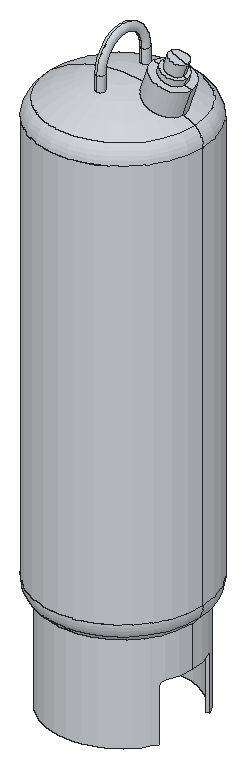
Revit family
Parameters (values of type "WX-35-CL 125# W.P.")
  Weight = "69 lbs"
  Tank Volume = "10 Gal"
  Tank Only/Less Stand = 31.472"
  Tank Height/Length = 35.313"
  Tank Diameter = 10.000"
  Pipe Connector Diameter = Pipe Connection Radius * 2  # 1.250"
  Pipe Connection Radius = 0.625"
  Model = "WX-35-CL"
  Maximum Acceptance Volume = "10 Gal"
  Max Operating Temp = "240 DEG F"
  Max Operating Pressure = "125 PSI"
  Manufacturer = "Amtrol"
  Lifting Ring Location = 3.500" / 2  # 1.750"
  Floor to Elbow Centerline = 1.688"
  Floor to Bottom of Tank = 3.841"
  Bladder/Diaphragm = "Bladder"
  ASME = yes
Reference planes (in)
  plane 1 "Center (Front/Back)": y = 0
  plane 2: z = 0
  plane 3 "Center (Left/Right)": x = 0
Forms (in)
  Revolve 1, solid
    sketch origin (0, 0, 0) x (1, 0, 0) y (0, 0, 1)
      loop
        line (0, 35.313) -> (0, 3.841) -> (3.19936, 3.841) -> (3.19936, 4.341) -> (2.165, 4.341) -> (2.165, 4.537) -> (3.19936, 4.537) -> (3.19936, 5.44775)
        arc (3.19936, 5.44775) -> (3.27707, 5.47994) -> (3.30927, 5.55766) r 0.10991
        arc (3.30927, 5.55766) -> (4.07072, 5.87962) -> (4.69528, 6.42127) r 2.64049
        arc (4.69528, 6.42127) -> (4.92132, 6.81207) -> (4.99984, 7.25666) r 1.298
        line (4.99984, 7.25666) -> (4.99984, 32.85698)
        arc (4.99984, 32.85698) -> (4.84865, 33.42123) -> (4.4654, 33.8621) r 1.29841
        arc (4.4654, 33.8621) -> (2.3476, 34.94118) -> (0, 35.313) r 7.597
      axis (0, 3.841) -> (0, 35.313)
    angle from 0 to 360
  Revolve 2, solid
    sketch origin (0, 0, 0) x (1, 0, 0) y (0, 0, 1)
      loop
        line (3.49813, 37.33998) -> (2.55125, 34.59006) -> (3.74301, 34.1797) -> (4.31275, 35.83436) -> (3.88468, 35.98176) -> (4.00697, 36.33693) -> (3.77711, 36.41608) -> (4.03194, 37.15618) -> (3.49813, 37.33998)
      axis (2.55125, 34.59006) -> (3.49813, 37.33998)
    angle from 0 to 360
  Revolve 3, solid
    sketch origin (0, 0, 0) x (1, 0, 0) y (0, 0, 1)
      loop
        line (-4.33638, 0) -> (-4.08638, 0) -> (-4.08638, 6.5) -> (-4.33638, 6.5) -> (-4.33638, 0)
      axis (0, 0) -> (0, 6.5)
    angle from 0 to 360
  Revolve 4, solid
    sketch origin (0, 0, 0) x (1, 0, 0) y (0, 0, 1)
      loop
        line (0.6492, 3.3675) -> (0.6492, 4.19707) -> (0, 4.19707) -> (0, 3.3675) -> (0.6492, 3.3675)
      axis (0, 3.3675) -> (0, 4.19707)
    angle from 0 to 360
  Extrusion 5, void
    sketch origin (0, 0, 0) x (0, 1, 0) y (0, 0, 1)
      loop
        line (0, 3.5) -> (-1.75, 3.5)
        arc (-1.75, 3.5) -> (-1.92678, 3.42678) -> (-2, 3.25) r 0.25
        line (-2, 3.25) -> (-2, -0.25) -> (2, -0.25) -> (2, 3.25)
        arc (2, 3.25) -> (1.92678, 3.42678) -> (1.75, 3.5) r 0.25
        line (1.75, 3.5) -> (0, 3.5)
    from 2.84574 to 12
  Sweep 6, solid
    path origin (0, 0, 0) x (1, 0, 0) y (0, 0, 1)
      loop
        line (0, 3.188) -> (0, 2.886)
        arc (0, 2.886) -> (0.35089, 2.03889) -> (1.198, 1.688) r 1.198
        line (1.198, 1.688) -> (1.5, 1.688)
    profile origin (0, 0, 3.037) x (0, -1, 0) y (1, 0, 0)
      loop
        circle (0, 0) r 0.75
  Sweep 7, solid
    path origin (0, 0, 0) x (0, 1, 0) y (0, 0, 1)
      loop
        line (1.75, 35.08602) -> (1.75, 36.00246)
        arc (1.75, 36.00246) -> (0, 37.75246) -> (-1.75, 36.00246) r 1.75
        line (-1.75, 36.00246) -> (-1.75, 35.08602)
    profile origin (0, 1.75, 35.54424) x (0, -1, 0) y (1, 0, 0)
      loop
        circle (0, 0) r 0.25
Cuts and joins
  Extrusion 5 cuts Revolve 3
  Extrusion 5 cuts Revolve 4
Dimensions and locks (in)
  "Floor to Bottom of Tank": Revolve 1 sketch curve to level
  "Tank Only/Less Stand": Revolve 1 sketch curve to Revolve 1 sketch curve
  Revolve 1 sketch curve to Revolve 1 sketch curve = 6.29859"
  Revolve 1 sketch curve to Revolve 1 sketch curve = 4.99984"
  Revolve 2 sketch curve to Revolve 1 = 1.32272"
  Revolve 2 sketch curve to Revolve 1 = 1.73308"
  Revolve 2 sketch curve to Revolve 2 sketch curve = 1.750"
  Revolve 2 sketch curve to Revolve 2 sketch curve = 2.12564"
  Revolve 2 sketch curve to Revolve 2 sketch curve = 2.90838"
  "Floor to Elbow Centerline": Sweep 6 sketch curve to cut or joined group of Revolve 3, Extrusion 5
  "Lifting Ring Location": Sweep 7 sketch curve to plane 1 "Center (Front/Back)"
  aligned and locked: plane 3 "Center (Left/Right)" to import instance
  aligned and locked: plane 1 "Center (Front/Back)" to import instance
Automatic sketch dimensions
  Revolve 1 sketch curve to plane 3 "Center (Left/Right)" = 0.000"  (x2)
  plane 3 "Center (Left/Right)" to Revolve 1 sketch curve = 2.165"
  Revolve 1 sketch curve to Revolve 1 sketch curve = 2.3255"
  Revolve 1 sketch curve to Revolve 1 sketch curve = 1.03436"
  Revolve 1 sketch curve to Revolve 1 sketch curve = 0.000"  (x4)
  Revolve 1 sketch curve to Revolve 1 sketch curve = 0.10991"
  Revolve 1 sketch curve to Revolve 1 sketch curve = 1.298"
  Revolve 1 sketch curve to Revolve 1 sketch curve = 1.29762"
  Revolve 1 sketch curve to Revolve 1 sketch curve = 0.53443"
  Revolve 1 sketch curve to Revolve 1 sketch curve = 0.30455"
  Revolve 1 sketch curve to Revolve 1 sketch curve = 0.500"
  Revolve 1 sketch curve to Revolve 1 sketch curve = 0.196"
  Revolve 1 sketch curve to Revolve 1 sketch curve = 0.91075"
  Revolve 1 sketch curve to Revolve 1 sketch curve = 6.028"
  plane 3 "Center (Left/Right)" to Revolve 2 sketch curve = 2.55125"
  Revolve 2 sketch curve to Revolve 2 sketch curve = 0.000"  (x2)
  Revolve 2 sketch curve to Revolve 2 sketch curve = 0.13243"
  Revolve 2 sketch curve to Revolve 2 sketch curve = 0.27898"
  Revolve 2 sketch curve to Revolve 2 sketch curve = 0.10757"
  Revolve 2 sketch curve to Revolve 2 sketch curve = 0.22987"
  Revolve 2 sketch curve to Revolve 2 sketch curve = 0.38461"
  Revolve 3 sketch curve to level = 0.000"  (x2)
  Revolve 3 sketch curve to plane 3 "Center (Left/Right)" = 0.000"
  Revolve 3 sketch curve to plane 3 "Center (Left/Right)" = 4.08638"
  Revolve 3 sketch curve to Revolve 3 sketch curve = 0.250"
  level to Revolve 3 sketch curve = 6.500"
  Revolve 3 sketch curve to Revolve 3 sketch curve = 2.000"
  Revolve 4 sketch curve to plane 3 "Center (Left/Right)" = 0.000"  (x2)
  plane 3 "Center (Left/Right)" to Revolve 4 sketch curve = 0.6492"
  level to Revolve 4 sketch curve = 3.3675"
  Revolve 4 sketch curve to Revolve 4 sketch curve = 0.000"
  Revolve 4 sketch curve to Revolve 4 sketch curve = 0.82957"
  Revolve 4 sketch curve to Revolve 4 sketch curve = 1.25068"
  Extrusion 5 sketch curve to plane 1 "Center (Front/Back)" = 0.000"
  plane 1 "Center (Front/Back)" to Extrusion 5 sketch curve = 1.750"
  Extrusion 5 sketch curve to Extrusion 5 sketch curve = 0.250"  (x2)
  Extrusion 5 sketch curve to plane 1 "Center (Front/Back)" = 1.750"
  Extrusion 5 sketch curve to level = 0.250"
  level to Extrusion 5 sketch curve = 3.250"
  Sweep 6 sketch curve to plane 3 "Center (Left/Right)" = 0.000"
  Sweep 6 sketch curve to Sweep 6 sketch curve = 1.198"
  Sweep 6 sketch curve to Sweep 6 sketch curve = 0.302"  (x2)
  plane 1 "Center (Front/Back)" to Sweep 6 sketch curve = 0.000"
  Sweep 6 sketch curve to profile plane = 0.000"
  plane 1 "Center (Front/Back)" to Sweep 7 sketch curve = 0.000"
  level to Sweep 7 sketch curve = 35.08602"
  Sweep 7 sketch curve to Sweep 7 sketch curve = 0.000"
  Sweep 7 sketch curve to Sweep 7 sketch curve = 0.91644"
  Sweep 7 sketch curve to plane 3 "Center (Left/Right)" = 0.000"
  Sweep 7 sketch curve to profile plane = 0.000"
  radius of Sweep 6 sketch curve = 0.750"
  radius of Sweep 7 sketch curve = 0.250"
Connectors (in)
  piping at (1.5, 0, 1.688), driven by "Pipe Connection Radius"
    settings: on Sweep 6, index 1
